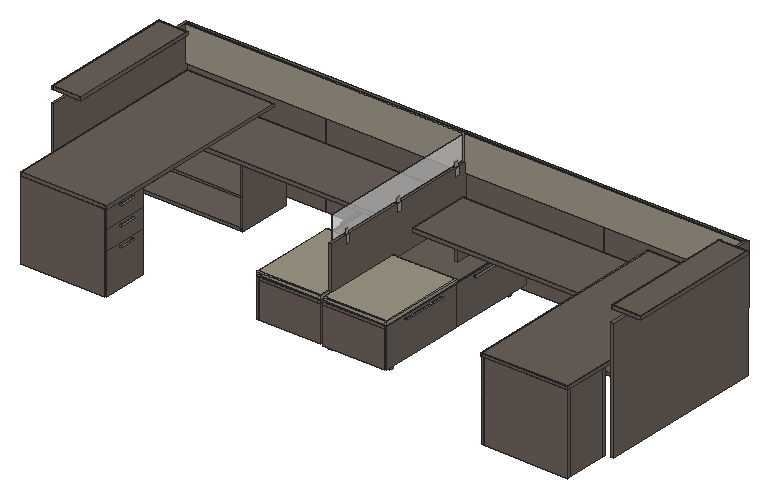
Revit family "STAKS005", category Furniture, Revit 2013 (continued)
Definition of nested family "FIRST OFFICE-STAKS-BRACKETS-CANTILEVER"
  Automatic sketch dimensions
    plane 5 to Extrusion 7 sketch curve = 0' - 0.05178"
    plane 7 to Extrusion 8 sketch curve = 0' - 0.06622"
    Extrusion 8 sketch curve to plane 4 = 0' - 0.21447"
    plane 1 "Center Front/Back" to Extrusion 3 sketch curve = 0' - 0.1569"
    plane 1 "Center Front/Back" to Extrusion 5 sketch curve = 0' - 0 1/8"
    plane 1 "Center Front/Back" to Extrusion 6 sketch curve = 0' - 0 1/8"
    Extrusion 3 sketch curve to plane 6 = 0' - 2.60476"
    Extrusion 3 sketch curve to Extrusion 3 sketch curve = 0' - 0.0798"
    Extrusion 3 sketch curve to plane 6 = 0' - 0.15706"
    Extrusion 5 sketch curve to plane 6 = 0' - 0 1/8"
    Extrusion 5 sketch curve to plane 6 = 0' - 1 5/8"
    Extrusion 6 sketch curve to plane 6 = 0' - 1.67678"
    Extrusion 7 sketch curve to plane 6 = 0' - 0 1/8"
    plane 1 "Center Front/Back" to Extrusion 8 sketch curve = 0' - 0 1/8"
    Masking region 2 sketch curve to plane 3 "Center Left/Right" = 0' - 0"
    plane 5 to Masking region 2 sketch curve = 0' - 0"
    Masking region 2 sketch curve to plane 8 = 0' - 0"
    plane 1 "Center Front/Back" to Masking region 2 sketch curve = 0' - 0"
    Masking region 3 sketch curve to plane 3 "Center Left/Right" = 0' - 0"
    plane 4 to Masking region 3 sketch curve = 0' - 0"
    Masking region 3 sketch curve to plane 8 = 0' - 0"
    plane 5 to Masking region 3 sketch curve = 0' - 0"
Definition of nested family "FIRST OFFICE-STAKS-WALL-PRIVACY PANELS"
  Parameters (values of type "FIRST OFFICE-STAKS-PRIVACY PANEL FROSTED ACR 22 X 11")
    URL = "http://www.firstoffice.com/products/crossover/staks/"
    SSFG-PA-3F-LUM = no
    SKYLINE = no
    PRIVACY PANEL HEIGHT = 0' - 11"
    Model = "6-PVPA-22/11"
    Manufacturer = "FIRST OFFICE-STAKS"
    MANUFACTURERS' CODE = "FOF"
    FROSTED ACRYLIC = yes
    ENVIRONMENTAL = "http://www.firstoffice.com/products/crossover/staks/"
    Description = "22 x 11 PRIVACY PANEL SKYLINE"
    PRIVACY PANEL WIDTH = 1' - 10"
    CATALOG CODE = "FST"
    Assembly Code = ""
  Types (42): name | SSFG-PA-3F-LUM | SKYLINE | PRIVACY PANEL HEIGHT | Model | FROSTED ACRYLIC | Description | PRIVACY PANEL WIDTH
    FIRST OFFICE-STAKS-PRIVACY PANEL SKYLINE 22 X 8 | no | yes | 0' - 8" | "6-PVPG-22/8" | no | "22 x 8 PRIVACY PANEL SKYLINE" | 1' - 10"
    FIRST OFFICE-STAKS-PRIVACY PANEL SKYLINE 30 X 8 | no | yes | 0' - 8" | "6-PVPG-30/8" | no | "30 x 8 PRIVACY PANEL SKYLINE" | 2' - 6"
    FIRST OFFICE-STAKS-PRIVACY PANEL SKYLINE 34 X 8 | no | yes | 0' - 8" | "6-PVPG-34/8" | no | "34 x 8 PRIVACY PANEL SKYLINE" | 2' - 10"
    FIRST OFFICE-STAKS-PRIVACY PANEL SKYLINE 46 X 8 | no | yes | 0' - 8" | "6-PVPG-46/8" | no | "46 x 8 PRIVACY PANEL SKYLINE" | 3' - 10"
    FIRST OFFICE-STAKS-PRIVACY PANEL SKYLINE 56 X 8 | no | yes | 0' - 8" | "6-PVPG-56/8" | no | "56 x 8 PRIVACY PANEL SKYLINE" | 4' - 8"
    FIRST OFFICE-STAKS-PRIVACY PANEL SKYLINE 70 X 8 | no | yes | 0' - 8" | "6-PVPG-70/8" | no | "70 x 8 PRIVACY PANEL SKYLINE" | 5' - 10"
    FIRST OFFICE-STAKS-PRIVACY PANEL SKYLINE 71.5 X 8 | no | yes | 0' - 8" | "6-PVPG-71.5/8" | no | "71.5 x 8 PRIVACY PANEL SKYLINE" | 5' - 11 1/2"
    FIRST OFFICE-STAKS-PRIVACY PANEL SKYLINE 22 X 11 | no | yes | 0' - 11" | "6-PVPG-22/11" | no | "22 x 11 PRIVACY PANEL SKYLINE" | 1' - 10"
    FIRST OFFICE-STAKS-PRIVACY PANEL SKYLINE 30 X 11 | no | yes | 0' - 11" | "6-PVPG-30/11" | no | "30 x 11 PRIVACY PANEL SKYLINE" | 2' - 6"
    FIRST OFFICE-STAKS-PRIVACY PANEL SKYLINE 34 X 11 | no | yes | 0' - 11" | "6-PVPG-34/11" | no | "34 x 11 PRIVACY PANEL SKYLINE" | 2' - 10"
    FIRST OFFICE-STAKS-PRIVACY PANEL SKYLINE 46 X 11 | no | yes | 0' - 11" | "6-PVPG-46/11" | no | "46 x 11 PRIVACY PANEL SKYLINE" | 3' - 10"
    FIRST OFFICE-STAKS-PRIVACY PANEL SKYLINE 56 X 11 | no | yes | 0' - 11" | "6-PVPG-56/11" | no | "56 x 11 PRIVACY PANEL SKYLINE" | 4' - 8"
    FIRST OFFICE-STAKS-PRIVACY PANEL SKYLINE 70 X 11 | no | yes | 0' - 11" | "6-PVPG-70/11" | no | "70 x 11 PRIVACY PANEL SKYLINE" | 5' - 10"
    FIRST OFFICE-STAKS-PRIVACY PANEL SKYLINE 71.5 X 11 | no | yes | 0' - 11" | "6-PVPG-71.5/11" | no | "71.5 x 11 PRIVACY PANEL SKYLINE" | 5' - 11 1/2"
    FIRST OFFICE-STAKS-PRIVACY PANEL SSFG-PA-3F-LUM 22 X 8 | yes | no | 0' - 8" | "6-PVPP-22/8" | no | "22 x 8 PRIVACY PANEL SSFG-PA-3F-LUM" | 1' - 10"
    FIRST OFFICE-STAKS-PRIVACY PANEL SSFG-PA-3F-LUM 30 X 8 | yes | no | 0' - 8" | "6-PVPP-30/8" | no | "30 x 8 PRIVACY PANEL SSFG-PA-3F-LUM" | 2' - 6"
    FIRST OFFICE-STAKS-PRIVACY PANEL SSFG-PA-3F-LUM 34 X 8 | yes | no | 0' - 8" | "6-PVPP-34/8" | no | "34 x 8 PRIVACY PANEL SSFG-PA-3F-LUM" | 2' - 10"
    FIRST OFFICE-STAKS-PRIVACY PANEL SSFG-PA-3F-LUM 46 X 8 | yes | no | 0' - 8" | "6-PVPP-46/8" | no | "46 x 8 PRIVACY PANEL SSFG-PA-3F-LUM" | 3' - 10"
    FIRST OFFICE-STAKS-PRIVACY PANEL SSFG-PA-3F-LUM 56 X 8 | yes | no | 0' - 8" | "6-PVPP-56/8" | no | "56 x 8 PRIVACY PANEL SSFG-PA-3F-LUM" | 4' - 8"
    FIRST OFFICE-STAKS-PRIVACY PANEL SSFG-PA-3F-LUM 70 X 8 | yes | no | 0' - 8" | "6-PVPP-70/8" | no | "70 x 8 PRIVACY PANEL SSFG-PA-3F-LUM" | 5' - 10"
    FIRST OFFICE-STAKS-PRIVACY PANEL SSFG-PA-3F-LUM 71.5 X 8 | yes | no | 0' - 8" | "6-PVPP-71.5/8" | no | "71.5” x 8” PRIVACY PANEL SSFG-PA-3F-LUM" | 5' - 11 1/2"
    FIRST OFFICE-STAKS-PRIVACY PANEL SSFG-PA-3F-LUM 22 X 11 | yes | no | 0' - 11" | "6-PVPP-22/11" | no | "22 x 11 PRIVACY PANEL SSFG-PA-3F-LUM" | 1' - 10"
    FIRST OFFICE-STAKS-PRIVACY PANEL SSFG-PA-3F-LUM 30 X 11 | yes | no | 0' - 11" | "6-PVPP-30/11" | no | "30 x 11 PRIVACY PANEL SSFG-PA-3F-LUM" | 2' - 6"
    FIRST OFFICE-STAKS-PRIVACY PANEL SSFG-PA-3F-LUM 34 X 11 | yes | no | 0' - 11" | "6-PVPP-34/11" | no | "34 x 11 PRIVACY PANEL SSFG-PA-3F-LUM" | 2' - 10"
    FIRST OFFICE-STAKS-PRIVACY PANEL SSFG-PA-3F-LUM 46 X 11 | yes | no | 0' - 11" | "6-PVPP-46/11" | no | "46 x 11 PRIVACY PANEL SSFG-PA-3F-LUM" | 3' - 10"
    FIRST OFFICE-STAKS-PRIVACY PANEL SSFG-PA-3F-LUM 56 X 11 | yes | no | 0' - 11" | "6-PVPP-56/11" | no | "56 x 11 PRIVACY PANEL SSFG-PA-3F-LUM" | 4' - 8"
    FIRST OFFICE-STAKS-PRIVACY PANEL SSFG-PA-3F-LUM 70 X 11 | yes | no | 0' - 11" | "6-PVPP-70/11" | no | "70 x 11 PRIVACY PANEL SSFG-PA-3F-LUM" | 5' - 10"
    FIRST OFFICE-STAKS-PRIVACY PANEL SSFG-PA-3F-LUM 71.5 X 11 | yes | no | 0' - 11" | "6-PVPP-71.5/11" | no | "71.5 x 11 PRIVACY PANEL SSFG-PA-3F-LUM" | 5' - 11 1/2"
    FIRST OFFICE-STAKS-PRIVACY PANEL FROSTED ACR 22 X 8 | no | no | 0' - 8" | "6-PVPA-22/8" | yes | "22 x 8 PRIVACY PANEL SKYLINE" | 1' - 10"
    FIRST OFFICE-STAKS-PRIVACY PANEL FROSTED ACR 30 X 8 | no | no | 0' - 8" | "6-PVPA-30/8" | yes | "30 x 8 PRIVACY PANEL SKYLINE" | 2' - 6"
    FIRST OFFICE-STAKS-PRIVACY PANEL FROSTED ACR 34 X 8 | no | no | 0' - 8" | "6-PVPA-34/8" | yes | "34 x 8 PRIVACY PANEL SKYLINE" | 2' - 10"
    FIRST OFFICE-STAKS-PRIVACY PANEL FROSTED ACR 46 X 8 | no | no | 0' - 8" | "6-PVPA-46/8" | yes | "46 x 8 PRIVACY PANEL SKYLINE" | 3' - 10"
    FIRST OFFICE-STAKS-PRIVACY PANEL FROSTED ACR 56 X 8 | no | no | 0' - 8" | "6-PVPA-56/8" | yes | "56 x 8 PRIVACY PANEL SKYLINE" | 4' - 8"
    FIRST OFFICE-STAKS-PRIVACY PANEL FROSTED ACR 70 X 8 | no | no | 0' - 8" | "6-PVPA-70/8" | yes | "70 x 8 PRIVACY PANEL SKYLINE" | 5' - 10"
    FIRST OFFICE-STAKS-PRIVACY PANEL FROSTED ACR 71.5 X 8 | no | no | 0' - 8" | "6-PVPA-71.5/8" | yes | "71.5 x 8 PRIVACY PANEL SKYLINE" | 5' - 11 1/2"
    FIRST OFFICE-STAKS-PRIVACY PANEL FROSTED ACR 22 X 11 | no | no | 0' - 11" | "6-PVPA-22/11" | yes | "22 x 11 PRIVACY PANEL SKYLINE" | 1' - 10"
    FIRST OFFICE-STAKS-PRIVACY PANEL FROSTED ACR 30 X 11 | no | no | 0' - 11" | "6-PVPA-30/11" | yes | "30 x 11 PRIVACY PANEL SKYLINE" | 2' - 6"
    FIRST OFFICE-STAKS-PRIVACY PANEL FROSTED ACR 34 X 11 | no | no | 0' - 11" | "6-PVPA-34/11" | yes | "34 x 11 PRIVACY PANEL SKYLINE" | 2' - 10"
    FIRST OFFICE-STAKS-PRIVACY PANEL FROSTED ACR 46 X 11 | no | no | 0' - 11" | "6-PVPA-46/11" | yes | "46 x 11 PRIVACY PANEL SKYLINE" | 3' - 10"
    FIRST OFFICE-STAKS-PRIVACY PANEL FROSTED ACR 56 X 11 | no | no | 0' - 11" | "6-PVPA-56/11" | yes | "56 x 11 PRIVACY PANEL SKYLINE" | 4' - 8"
    FIRST OFFICE-STAKS-PRIVACY PANEL FROSTED ACR 70 X 11 | no | no | 0' - 11" | "6-PVPA-70/11" | yes | "70 x 11 PRIVACY PANEL SKYLINE" | 5' - 10"
    FIRST OFFICE-STAKS-PRIVACY PANEL FROSTED ACR 71.5 X 11 | no | no | 0' - 11" | "6-PVPA-71.5/11" | yes | "71.5 x 11 PRIVACY PANEL SKYLINE" | 5' - 11 1/2"
  Reference planes (in)
    plane 1: z = 0
    plane 2 "Center Left/Right": x = 0
    plane 3 "Left": x = -11
    plane 4 "Right": x = 11
    plane 5 "Back": y = 1.62535
    plane 6 "PRIVACY PANEL TOP": z = 56.0625
    plane 7: z = 45.0625
  Forms (in)
    Extrusion 1, solid, material "STAKS PRIVACY PANEL SKY", visible <- "SKYLINE"
      sketch origin (-20.62535, -17.37465, 45.0625) x (0, 1, 0) y (-1, 0, 0)
        loop
          line (19.125, -9.62535) -> (18.875, -9.62535) -> (18.875, -31.62535) -> (19.125, -31.62535) -> (19.125, -9.62535)
      from 0 to 11
    Extrusion 2, solid, material "STAKS PRIVACY PANEL 4 TYPES", visible <- "SSFG-PA-3F-LUM"
      sketch origin (-20.62535, -18.66353, 45.0625) x (0, 1, 0) y (-1, 0, 0)
        loop
          line (20.41388, -9.62535) -> (20.16388, -9.62535) -> (20.16388, -31.62535) -> (20.41388, -31.62535) -> (20.41388, -9.62535)
      from 0 to 11
    Extrusion 3, solid, material "STAKS PRIVACY PANEL FROSTED AC", visible <- "FROSTED ACRYLIC"
      sketch origin (-20.62535, -19.34414, 45.0625) x (0, 1, 0) y (-1, 0, 0)
        loop
          line (21.09448, -9.62535) -> (20.84448, -9.62535) -> (20.84448, -31.62535) -> (21.09448, -31.62535) -> (21.09448, -9.62535)
      from 0 to 11
  Lines and regions (in)
    Masking region 1
      outline origin (-20.62535, -17.37465, 45.0625) x (0, 1, 0) y (-1, 0, 0)
        loop
          line (18.875, -31.62535) -> (19.125, -31.62535) -> (19.125, -9.62535) -> (18.875, -9.62535) -> (18.875, -31.62535)
  Dimensions and locks (in)
    "PRIVACY PANEL WIDTH": plane 3 "Left" to plane 4 "Right"
    equal spacing: plane 3 "Left", plane 2 "Center Left/Right", plane 4 "Right"
    locked: Extrusion 1 to Extrusion 1 at 0.25
    "PRIVACY PANEL HEIGHT": plane 6 "PRIVACY PANEL TOP" to plane 7
    aligned and locked: level to plane 1
    aligned: Extrusion 1 to plane 3 "Left"
    aligned and locked: plane 4 "Right" to Extrusion 1
    aligned and locked: Extrusion 1 to plane 3 "Left"
    aligned and locked: plane 6 "PRIVACY PANEL TOP" to Extrusion 1
    aligned and locked: Extrusion 1 to plane 7
    aligned and locked: plane 4 "Right" to Masking region 1
    aligned and locked: Extrusion 2 to Extrusion 1  (x2)
    aligned and locked: Extrusion 3 to Extrusion 2  (x2)
    aligned and locked: Extrusion 3 to plane 7
    aligned and locked: Extrusion 2 to plane 7
  Automatic sketch dimensions
    Extrusion 1 sketch curve to plane 3 "Left" = 0' - 0"
    Extrusion 1 sketch curve to plane 4 "Right" = 0' - 0"
    plane 5 "Back" to Extrusion 1 sketch curve = 0' - 0 1/8"
    Extrusion 1 sketch curve to plane 5 "Back" = 0' - 0 1/8"
    Masking region 1 sketch curve to plane 4 "Right" = 0' - 0"
    Masking region 1 sketch curve to plane 3 "Left" = 0' - 0"
    plane 5 "Back" to Masking region 1 sketch curve = 0' - 0 1/8"
    Masking region 1 sketch curve to plane 5 "Back" = 0' - 0 1/8"
    Extrusion 2 sketch curve to plane 3 "Left" = 0' - 0"
    Extrusion 2 sketch curve to plane 4 "Right" = 0' - 0"
    plane 5 "Back" to Extrusion 2 sketch curve = 0' - 0 1/8"
    Extrusion 2 sketch curve to Extrusion 2 sketch curve = 0' - 0 1/4"
    Extrusion 3 sketch curve to plane 3 "Left" = 0' - 0"
    Extrusion 3 sketch curve to plane 4 "Right" = 0' - 0"
    plane 5 "Back" to Extrusion 3 sketch curve = 0' - 0 1/8"
    Extrusion 3 sketch curve to Extrusion 3 sketch curve = 0' - 0 1/4"
Definition of nested family "FIRST OFFICE-STAKS-WALL-TACKBOARDS"
  Parameters (values of type "FIRST OFFICE-STAKS-TACKBOARD 48-27 X 12")
    URL = "http://www.firstoffice.com/products/crossover/staks/"
    TACKBOARD TRIPLE = no
    TACKBOARD SINGLE = no
    TACKBOARD = yes
    Model = "FT30A"
    Manufacturer = "FIRST OFFICE-STAKS"
    MANUFACTURERS' CODE = "FOF"
    ENVIRONMENTAL = "http://www.firstoffice.com/products/crossover/staks/"
    Description = "48-27 TACKBOARD 12 HIGH"
    TACKBORD WIDTH [instance] = 2' - 3"
    TACKBOARD HEIGHT = 1' - 0"
    CATALOG CODE = "FST"
    Assembly Code = ""
  Types (18): name | TACKBOARD TRIPLE | TACKBOARD SINGLE | TACKBOARD | Model | Description | TACKBORD WIDTH | TACKBOARD HEIGHT
    FIRST OFFICE-STAKS-TACKBOARD 48-27 X 12 | no | no | yes | "FT30A" | "48-27 TACKBOARD 12 HIGH" | 2' - 3" | 1' - 0"
    FIRST OFFICE-STAKS-TACKBOARD 73-49 X 12 | no | no | yes | "FT30B" | "73-49 TACKBOARD 12 HIGH" | 4' - 1" | 1' - 0"
    FIRST OFFICE-STAKS-TACKBOARD 96-74 X 12 | no | no | yes | "FT30C" | "96-74 TACKBOARD 12 HIGH" | 6' - 2" | 1' - 0"
    FIRST OFFICE-STAKS-TACKBOARD 48-27 X 18.5 | no | no | yes | "FT30D" | "48-27 TACKBOARD 18.5 HIGH" | 2' - 3" | 1' - 6 1/2"
    FIRST OFFICE-STAKS-TACKBOARD 73-49 X 18.5 | no | no | yes | "FT30E" | "73-49 TACKBOARD 18.5 HIGH" | 4' - 1" | 1' - 6 1/2"
    FIRST OFFICE-STAKS-TACKBOARD 96-74 X 18.5 | no | no | yes | "FT30F" | "96-74 TACKBOARD 18.5 HIGH" | 6' - 2" | 1' - 6 1/2"
    FIRST OFFICE-STAKS-TACKBOARD SINGLE 48-27 X 12 | no | yes | no | "FTS30A" | "48-27 TACKBOARD SINGLE 12 HIGH" | 2' - 3" | 1' - 0"
    FIRST OFFICE-STAKS-TACKBOARD SINGLE 73-49 X 12 | no | yes | no | "FTS30B" | "73-49 TACKBOARD SINGLE 12 HIGH" | 4' - 1" | 1' - 0"
    FIRST OFFICE-STAKS-TACKBOARD SINGLE 96-74 X 12 | no | yes | no | "FTS30C" | "96-74 TACKBOARD SINGLE 12 HIGH" | 6' - 2" | 1' - 0"
    FIRST OFFICE-STAKS-TACKBOARD SINGLE 48-27 X 18.5 | no | yes | no | "FTS30D" | "48-27 TACKBOARD SINGLE 18.5 HIGH" | 2' - 3" | 1' - 6 1/2"
    FIRST OFFICE-STAKS-TACKBOARD SINGLE 73-49 X 18.5 | no | yes | no | "FTS30E" | "73-49 TACKBOARD SINGLE 18.5 HIGH" | 4' - 1" | 1' - 6 1/2"
    FIRST OFFICE-STAKS-TACKBOARD SINGLE 96-74 X 18.5 | no | yes | no | "FTS30F" | "96-74 TACKBOARD SINGLE 18.5 HIGH" | 6' - 2" | 1' - 6 1/2"
    FIRST OFFICE-STAKS-TACKBOARD TRIPLE 48-27 X 12 | yes | no | no | "FTS40A" | "48-27 TACKBOARD TRIPLE 12 HIGH" | 2' - 3" | 1' - 0"
    FIRST OFFICE-STAKS-TACKBOARD TRIPLE 73-49 X 12 | yes | no | no | "FTS40B" | "73-49 TACKBOARD TRIPLE 12 HIGH" | 4' - 1" | 1' - 0"
    FIRST OFFICE-STAKS-TACKBOARD TRIPLE 96-74 X 12 | yes | no | no | "FTS40C" | "96-74 TACKBOARD TRIPLE 12 HIGH" | 6' - 2" | 1' - 0"
    FIRST OFFICE-STAKS-TACKBOARD TRIPLE 48-27 X 18.5 | yes | no | no | "FTS40D" | "48-27 TACKBOARD TRIPLE 18.5 HIGH" | 2' - 3" | 1' - 6 1/2"
    FIRST OFFICE-STAKS-TACKBOARD TRIPLE 73-49 X 18.5 | yes | no | no | "FTS40E" | "73-49 TACKBOARD TRIPLE 18.5 HIGH" | 4' - 1" | 1' - 6 1/2"
    FIRST OFFICE-STAKS-TACKBOARD TRIPLE 96-74 X 18.5 | yes | no | no | "FTS40F" | "96-74 TACKBOARD TRIPLE 18.5 HIGH" | 6' - 2" | 1' - 6 1/2"
  Reference planes (in)
    plane 1: z = 0
    plane 2 "LEFT": x = 0
    plane 3 "RIGHT": x = 27
    plane 4 "Back": y = 5.75035
    plane 5 "Cabinet Top": z = 41.5
    plane 6: z = 29.5
    plane 7: z = 36.125
  Forms (in)
    Extrusion 1, solid, material "STAKS TOOLRAIL", visible <- "TACKBOARD SINGLE"
      sketch origin (0, 0, 0) x (0, 1, 0) y (0, 0, 1)
        loop
          line (5.75035, 36.875) -> (5.67035, 36.875) -> (5.67035, 36.125) -> (4.95159, 36.125) -> (4.95159, 35.55906) -> (5.16814, 35.55906) -> (5.30308, 35.64014) -> (5.36345, 35.53967) -> (5.19914, 35.44094) -> (4.95159, 35.44094) -> (4.95159, 34.875) -> (5.67035, 34.875) -> (5.67035, 34.125) -> (5.75035, 34.125) -> (5.75035, 34.955) -> (5.03159, 34.955) -> (5.03159, 35.36095) -> (5.22369, 35.36095) -> (5.47448, 35.51164) -> (5.33038, 35.75145) -> (5.14331, 35.63905) -> (5.03159, 35.63905) -> (5.03159, 36.045) -> (5.75035, 36.045) -> (5.75035, 36.875)
      from 27 to 0
    Extrusion 2, solid, material "STAKS TOOLRAIL", visible <- "TACKBOARD TRIPLE"
      sketch origin (0, 6.1024, 0) x (0, 1, 0) y (0, 0, 1)
        loop
          line (-0.35206, 38) -> (-0.43205, 38) -> (-0.43205, 37) -> (-1.18205, 37) -> (-1.18205, 36.75) -> (-0.99405, 36.75) -> (-0.99405, 36.875) -> (-1.05655, 36.875) -> (-1.05655, 36.92) -> (-0.43205, 36.92) -> (-0.43205, 36.075) -> (-1.10206, 36.075) -> (-1.10206, 36.25) -> (-0.99405, 36.25) -> (-0.99405, 36.375) -> (-1.18205, 36.375) -> (-1.18205, 35.55906) -> (-0.96577, 35.55906) -> (-0.82981, 35.64075) -> (-0.74582, 35.50097) -> (-0.83126, 35.35877) -> (-0.96803, 35.44094) -> (-1.18205, 35.44094) -> (-1.18205, 34.625) -> (-0.99405, 34.625) -> (-0.99405, 34.75) -> (-1.10206, 34.75) -> (-1.10206, 34.925) -> (-0.43205, 34.925) -> (-0.43205, 34.08) -> (-1.05655, 34.08) -> (-1.05655, 34.125) -> (-0.99405, 34.125) -> (-0.99405, 34.25) -> (-1.18205, 34.25) -> (-1.18205, 34) -> (-0.43205, 34) -> (-0.43205, 33) -> (-0.35549, 33) -> (-0.35549, 35.005) -> (-1.10206, 35.005) -> (-1.10206, 35.35923) -> (-0.98796, 35.35923) -> (-0.80294, 35.24806) -> (-0.65224, 35.49887) -> (-0.80479, 35.75277) -> (-0.99405, 35.63905) -> (-1.10206, 35.63905) -> (-1.10206, 35.995) -> (-0.35206, 35.995) -> (-0.35206, 38)
      from 0 to 27
    Extrusion 3, solid, material "STAKS TACKBOARD", visible <- "TACKBOARD"
      sketch origin (0, 5.25, 0) x (0, 1, 0) y (0, 0, 1)
        loop
          line (-0.12465, 29.5) -> (0.50035, 29.5) -> (0.50035, 41.5) -> (-0.12465, 41.5) -> (-0.12465, 29.5)
      from 0 to 27
    Extrusion 4, solid, material "STAKS TACKBOARD", visible <- "TACKBOARD SINGLE"
      sketch origin (0, 5.25, 0) x (0, 1, 0) y (0, 0, 1)
        loop
          line (-0.20465, 41.5) -> (-0.20465, 36.125) -> (0.42035, 36.125) -> (0.42035, 41.5) -> (-0.20465, 41.5)
      from 0 to 27
    Extrusion 5, solid, material "STAKS TACKBOARD", visible <- "TACKBOARD SINGLE"
      sketch origin (0.16133, 5.25, -6.625) x (0, 1, 0) y (0, 0, 1)
        loop
          line (-0.20465, 41.5) -> (-0.20465, 36.125) -> (0.42035, 36.125) -> (0.42035, 41.5) -> (-0.20465, 41.5)
      from -0.16133 to 26.83867
    Extrusion 6, solid, material "STAKS TACKBOARD", visible <- "TACKBOARD TRIPLE"
      sketch origin (0, 5.24999, 0) x (0, 1, 0) y (0, 0, 1)
        loop
          line (-0.20465, 41.5) -> (-0.20465, 37) -> (0.42035, 37) -> (0.42035, 41.5) -> (-0.20465, 41.5)
      from 0 to 27
    Extrusion 7, solid, material "STAKS TACKBOARD", visible <- "TACKBOARD TRIPLE"
      sketch origin (0, 5.24999, 0) x (0, 1, 0) y (0, 0, 1)
        loop
          line (-0.20465, 34) -> (-0.20465, 29.5) -> (0.42035, 29.5) -> (0.42035, 34) -> (-0.20465, 34)
      from 0 to 27
  Lines and regions (in)
    Masking region 1, visible <- "TACKBOARD"
      outline origin (0, 0, 0) x (1, 0, 0) y (0, 1, 0)
        loop
          line (0, 5.75035) -> (0, 5.12535) -> (27, 5.12535) -> (27, 5.75035) -> (0, 5.75035)
    Masking region 2, visible <- "TACKBOARD SINGLE"
      outline origin (0, 0, 0) x (1, 0, 0) y (0, 1, 0)
        loop
          line (0, 5.75035) -> (0, 4.95159) -> (27, 4.95159) -> (27, 5.75035) -> (0, 5.75035)
    Masking region 3, visible <- "TACKBOARD TRIPLE"
      outline origin (0, 0, 0) x (1, 0, 0) y (0, 1, 0)
        loop
          line (0, 5.75035) -> (0, 4.92035) -> (27, 4.92035) -> (27, 5.75035) -> (0, 5.75035)
  Dimensions and locks (in)
    "TACKBOARD HEIGHT": plane 6 to plane 5 "Cabinet Top"
    plane 7 to plane 5 "Cabinet Top" = 0' - 5 3/8"
    "TACKBORD WIDTH": plane 2 "LEFT" to plane 3 "RIGHT"
    locked: Extrusion 6 to plane 5 "Cabinet Top" at 4.5
    aligned: Extrusion 1 to plane 2 "LEFT"
    aligned: plane 3 "RIGHT" to Extrusion 1  (x2)
    aligned: Extrusion 2 to plane 3 "RIGHT"
    aligned: plane 2 "LEFT" to Extrusion 2
    aligned and locked: Extrusion 3 to plane 2 "LEFT"
    aligned and locked: Extrusion 6 to plane 2 "LEFT"
    aligned and locked: Extrusion 4 to plane 2 "LEFT"
    aligned and locked: Extrusion 5 to plane 2 "LEFT"
    aligned and locked: Extrusion 7 to plane 2 "LEFT"
    aligned and locked: Extrusion 2 to plane 2 "LEFT"
    aligned and locked: Extrusion 1 to plane 2 "LEFT"
    aligned and locked: plane 3 "RIGHT" to Extrusion 2
    aligned and locked: plane 3 "RIGHT" to Extrusion 1
    aligned and locked: plane 3 "RIGHT" to Extrusion 5
    aligned and locked: plane 3 "RIGHT" to Extrusion 6
    aligned and locked: plane 3 "RIGHT" to Extrusion 4
    aligned and locked: plane 3 "RIGHT" to Extrusion 3
    aligned and locked: plane 3 "RIGHT" to Extrusion 7
  Automatic sketch dimensions
    plane 7 to Extrusion 1 sketch curve = 0' - 0"
    Extrusion 1 sketch curve to plane 4 "Back" = 0' - 0"  (x2)
    plane 4 "Back" to Extrusion 1 sketch curve = 0' - 0.08"  (x2)
    plane 4 "Back" to Extrusion 1 sketch curve = 0' - 0.27587"
    Extrusion 1 sketch curve to Extrusion 1 sketch curve = 0' - 0.11103"
    Extrusion 1 sketch curve to Extrusion 1 sketch curve = 0' - 0.03307"
    Extrusion 1 sketch curve to Extrusion 1 sketch curve = 0' - 0.0273"
    Extrusion 1 sketch curve to Extrusion 1 sketch curve = 0' - 0.13976"
    Extrusion 1 sketch curve to Extrusion 1 sketch curve = 0' - 0.02455"
    Extrusion 1 sketch curve to Extrusion 1 sketch curve = 0' - 0.03101"
    Extrusion 1 sketch curve to Extrusion 1 sketch curve = 0' - 0.02482"
    Extrusion 1 sketch curve to Extrusion 1 sketch curve = 0' - 0.1921"
    Extrusion 1 sketch curve to Extrusion 1 sketch curve = 0' - 0.11172"
    Extrusion 1 sketch curve to Extrusion 1 sketch curve = 0' - 0.08"  (x4)
    plane 7 to Extrusion 1 sketch curve = 0' - 0.08"
    plane 7 to Extrusion 1 sketch curve = 0' - 0.37355"
    Extrusion 1 sketch curve to Extrusion 1 sketch curve = 0' - 0.11131"
    Extrusion 1 sketch curve to Extrusion 1 sketch curve = 0' - 0.00109"
    Extrusion 1 sketch curve to Extrusion 1 sketch curve = 0' - 0.40594"
    Extrusion 1 sketch curve to Extrusion 1 sketch curve = 0' - 0 3/4"
    Extrusion 1 sketch curve to plane 7 = 0' - 0 3/4"
    Extrusion 2 sketch curve to plane 4 "Back" = 0' - 0"
    plane 4 "Back" to Extrusion 2 sketch curve = 0' - 0.00344"
    plane 4 "Back" to Extrusion 2 sketch curve = 0' - 0.07999"  (x3)
    Extrusion 2 sketch curve to Extrusion 2 sketch curve = 0' - 0.07656"
    plane 4 "Back" to Extrusion 2 sketch curve = 0' - 0.30018"
    Extrusion 2 sketch curve to Extrusion 2 sketch curve = 0' - 0.09358"
    Extrusion 2 sketch curve to Extrusion 2 sketch curve = 0' - 0.05712"
    Extrusion 2 sketch curve to Extrusion 2 sketch curve = 0' - 0.05897"
    Extrusion 2 sketch curve to Extrusion 2 sketch curve = 0' - 0.02501"
    Extrusion 2 sketch curve to Extrusion 2 sketch curve = 0' - 0.02833"
    Extrusion 2 sketch curve to Extrusion 2 sketch curve = 0' - 0.13596"
    Extrusion 2 sketch curve to Extrusion 2 sketch curve = 0' - 0.00226"
    Extrusion 2 sketch curve to Extrusion 2 sketch curve = 0' - 0.01993"
    Extrusion 2 sketch curve to Extrusion 2 sketch curve = 0' - 0.19111"
    Extrusion 2 sketch curve to plane 7 = 0' - 0 1/4"
    Extrusion 2 sketch curve to Extrusion 2 sketch curve = 0' - 0.562"
    Extrusion 2 sketch curve to Extrusion 2 sketch curve = 0' - 0.02828"
    Extrusion 2 sketch curve to Extrusion 2 sketch curve = 0' - 0"  (x3)
    Extrusion 2 sketch curve to Extrusion 2 sketch curve = 0' - 0 1/16"  (x2)
    plane 7 to Extrusion 2 sketch curve = 0' - 0.13"
    Extrusion 2 sketch curve to Extrusion 2 sketch curve = 0' - 0.10801"  (x3)
    Extrusion 2 sketch curve to Extrusion 2 sketch curve = 0' - 0.07999"  (x2)
    Extrusion 2 sketch curve to Extrusion 2 sketch curve = 0' - 0.1255"  (x2)
    plane 7 to Extrusion 2 sketch curve = 0' - 0.37223"
    Extrusion 2 sketch curve to Extrusion 2 sketch curve = 0' - 0.11202"
    Extrusion 2 sketch curve to Extrusion 2 sketch curve = 0' - 0.0017"
    Extrusion 2 sketch curve to Extrusion 2 sketch curve = 0' - 0.08"  (x4)
    Extrusion 2 sketch curve to Extrusion 2 sketch curve = 0' - 0.11811"
    Extrusion 2 sketch curve to Extrusion 2 sketch curve = 0' - 0.08171"
    Extrusion 2 sketch curve to Extrusion 2 sketch curve = 0' - 0.24306"
    Extrusion 2 sketch curve to Extrusion 2 sketch curve = 0' - 0.175"
    Extrusion 2 sketch curve to Extrusion 2 sketch curve = 0' - 0 1/8"  (x3)
    Extrusion 2 sketch curve to Extrusion 2 sketch curve = 0' - 0 3/8"  (x2)
    Extrusion 2 sketch curve to Extrusion 2 sketch curve = 0' - 0.045"  (x2)
    Extrusion 2 sketch curve to Extrusion 2 sketch curve = 0' - 1"  (x2)
    plane 7 to Extrusion 2 sketch curve = 0' - 0.05"
    Extrusion 2 sketch curve to plane 7 = 0' - 0 1/8"
    Extrusion 3 sketch curve to plane 6 = 0' - 0"
    plane 5 "Cabinet Top" to Extrusion 3 sketch curve = 0' - 0"
    Extrusion 3 sketch curve to plane 4 "Back" = 0' - 0"
    Extrusion 3 sketch curve to Extrusion 3 sketch curve = 0' - 0 5/8"
    plane 5 "Cabinet Top" to Extrusion 4 sketch curve = 0' - 0"
    plane 7 to Extrusion 4 sketch curve = 0' - 0"
    plane 4 "Back" to Extrusion 4 sketch curve = 0' - 0.705"
    Extrusion 4 sketch curve to Extrusion 4 sketch curve = 0' - 0 5/8"
    Extrusion 5 sketch curve to plane 6 = 0' - 0"
    plane 7 to Extrusion 5 sketch curve = 0' - 1 1/4"
    plane 4 "Back" to Extrusion 5 sketch curve = 0' - 0.705"
    Extrusion 5 sketch curve to Extrusion 5 sketch curve = 0' - 0 5/8"
    plane 5 "Cabinet Top" to Extrusion 6 sketch curve = 0' - 0"
    plane 4 "Back" to Extrusion 6 sketch curve = 0' - 0.705"
    Extrusion 6 sketch curve to Extrusion 6 sketch curve = 0' - 0 5/8"
    Extrusion 6 sketch curve to plane 7 = 0' - 0 7/8"
    Extrusion 7 sketch curve to plane 6 = 0' - 0"
    plane 7 to Extrusion 7 sketch curve = 0' - 2 1/8"
    plane 4 "Back" to Extrusion 7 sketch curve = 0' - 0.705"
    Extrusion 7 sketch curve to Extrusion 7 sketch curve = 0' - 0 5/8"
    Masking region 1 sketch curve to plane 2 "LEFT" = 0' - 0"
    Masking region 1 sketch curve to plane 3 "RIGHT" = 0' - 0"
    plane 4 "Back" to Masking region 1 sketch curve = 0' - 0"
    plane 4 "Back" to Masking region 1 sketch curve = 0' - 0 5/8"
    Masking region 2 sketch curve to plane 2 "LEFT" = 0' - 0"
    Masking region 2 sketch curve to plane 3 "RIGHT" = 0' - 0"
    plane 4 "Back" to Masking region 2 sketch curve = 0' - 0"
    plane 4 "Back" to Masking region 2 sketch curve = 0' - 0.79876"
    Masking region 3 sketch curve to plane 2 "LEFT" = 0' - 0"
    Masking region 3 sketch curve to plane 3 "RIGHT" = 0' - 0"
    plane 4 "Back" to Masking region 3 sketch curve = 0' - 0"
    plane 4 "Back" to Masking region 3 sketch curve = 0' - 0.82999"
Definition of nested family "FIRST OFFICE-STAKS-BRACKETS-PEDESTAL TO WALL"
  Parameters (values of type "FIRST OFFICE-STAKS-PEDESTAL TO WALL BRACKET 2")
    URL = "http://www.firstoffice.com/products/crossover/staks/"
    PED TO WALL 1 = no
    PED TO WALL 2 = yes
    Model = "PEDBKT-2"
    Manufacturer = "FIRST OFFICE-STAKS"
    MANUFACTURERS' CODE = "FOF"
    ENVIRONMENTAL = "http://www.firstoffice.com/products/crossover/staks/"
    Description = "PEDESTAL TO WALL BRACKET 2"
    CATALOG CODE = "FST"
    Assembly Code = ""
  Types (3): name | PED TO WALL 1 | PED TO WALL 2 | Model | Description
    (no name) | no | yes | "PEDBKT-2" | "PEDESTAL TO WALL BRACKET 2"
    FIRST OFFICE-STAKS-PEDESTAL TO WALL BRACKET 1 | yes | no | "PEDBKT-1" | "PEDESTAL TO WALL BRACKET 1"
    FIRST OFFICE-STAKS-PEDESTAL TO WALL BRACKET 2 | no | yes | "PEDBKT-2" | "PEDESTAL TO WALL BRACKET 2"
  Reference planes (in)
    plane 1 "Back": y = 0
    plane 2: z = 0
    plane 3 "Center Left/Right": x = 0
    plane 4: z = 20
    plane 5: y = -4
    plane 6: x = 2.0625
  Forms (in)
    Extrusion 1, solid, material "STAKS BLACK", visible <- "PED TO WALL 1"
      sketch origin (0, 0, 0) x (1, 0, 0) y (0, 1, 0)
        loop
          line (0.875, 0) -> (0, 0) -> (0, -0.0625) -> (0.875, -0.0625)
          arc (0.875, -0.0625) -> (0.96339, -0.09911) -> (1, -0.1875) r 0.125
          line (1, -0.1875) -> (1, -3.8125)
          arc (1, -3.8125) -> (1.05492, -3.94508) -> (1.1875, -4) r 0.1875
          line (1.1875, -4) -> (2.0625, -4) -> (2.0625, -3.9375) -> (1.1875, -3.9375)
          arc (1.1875, -3.9375) -> (1.09911, -3.90089) -> (1.0625, -3.8125) r 0.125
          line (1.0625, -3.8125) -> (1.0625, -0.1875)
          arc (1.0625, -0.1875) -> (1.00758, -0.05492) -> (0.875, 0) r 0.1875
      from 17.6875 to 19.8125
    Extrusion 2, solid, material "STAKS BLACK", visible <- "PED TO WALL 1"
      sketch origin (0, 0, 0) x (1, 0, 0) y (0, 0, 1)
        loop
          line (1.1875, 19.9375) -> (1.5, 19.9375) -> (1.5, 20) -> (1.1875, 20)
          arc (1.1875, 20) -> (1.05492, 19.94508) -> (1, 19.8125) r 0.1875
          line (1, 19.8125) -> (1.0625, 19.8125)
          arc (1.0625, 19.8125) -> (1.09911, 19.90089) -> (1.1875, 19.9375) r 0.125
        loop
          arc (1.1875, 17.5625) -> (1.09911, 17.59911) -> (1.0625, 17.6875) r 0.125
          line (1.0625, 17.6875) -> (1, 17.6875)
          arc (1, 17.6875) -> (1.05492, 17.55492) -> (1.1875, 17.5) r 0.1875
          line (1.1875, 17.5) -> (1.5, 17.5) -> (1.5, 17.5625) -> (1.1875, 17.5625)
      from 0.1875 to 3.8125
    Extrusion 3, solid, material "STAKS BLACK", visible <- "PED TO WALL 2"
      sketch origin (0, 0, 0) x (1, 0, 0) y (0, 1, 0)
        loop
          line (0.875, 0) -> (0, 0) -> (0, -0.0625) -> (0.875, -0.0625)
          arc (0.875, -0.0625) -> (0.96339, -0.09911) -> (1, -0.1875) r 0.125
          line (1, -0.1875) -> (1, -4.99544) -> (1.0625, -4.99544) -> (1.0625, -0.1875)
          arc (1.0625, -0.1875) -> (1.00758, -0.05492) -> (0.875, 0) r 0.1875
      from 17.6875 to 19.8125
    Extrusion 4, solid, material "STAKS BLACK", visible <- "PED TO WALL 2"
      sketch origin (2.0625, 0, 0) x (-1, 0, 0) y (0, 0, -1)
        loop
          arc (1.1875, -19.9375) -> (1.09911, -19.90089) -> (1.0625, -19.8125) r 0.125
          line (1.0625, -19.8125) -> (1, -19.8125)
          arc (1, -19.8125) -> (1.05492, -19.94508) -> (1.1875, -20) r 0.1875
          line (1.1875, -20) -> (1.5, -20) -> (1.5, -19.9375) -> (1.1875, -19.9375)
        loop
          line (1.1875, -17.5625) -> (1.5, -17.5625) -> (1.5, -17.5) -> (1.1875, -17.5)
          arc (1.1875, -17.5) -> (1.05492, -17.55492) -> (1, -17.6875) r 0.1875
          line (1, -17.6875) -> (1.0625, -17.6875)
          arc (1.0625, -17.6875) -> (1.09911, -17.59911) -> (1.1875, -17.5625) r 0.125
      from 0.1875 to 4
  Cuts and joins
    joined: Extrusion 1, Extrusion 2
    joined: Extrusion 3, Extrusion 4
  Lines and regions (in)
    Masking region 1, visible <- "PED TO WALL 1"
      outline origin (0, 0, 0) x (1, 0, 0) y (0, 1, 0)
        loop
          arc (0.875, -0.0625) -> (0.96339, -0.09911) -> (1, -0.1875) r 0.125
          line (1, -0.1875) -> (1, -3.8125)
          arc (1, -3.8125) -> (1.05492, -3.94508) -> (1.1875, -4) r 0.1875
          line (1.1875, -4) -> (2.0625, -4) -> (2.0625, -3.9375) -> (1.1875, -3.9375)
          arc (1.1875, -3.9375) -> (1.09911, -3.90089) -> (1.0625, -3.8125) r 0.125
          line (1.0625, -3.8125) -> (1.50164, -3.8125) -> (1.50164, -0.1875) -> (1.0625, -0.1875)
          arc (1.0625, -0.1875) -> (1.00758, -0.05492) -> (0.875, 0) r 0.1875
          line (0.875, 0) -> (0, 0) -> (0, -0.0625) -> (0.875, -0.0625)
    Masking region 2, visible <- "PED TO WALL 2"
      outline origin (0, 0, 0) x (1, 0, 0) y (0, 1, 0)
        loop
          arc (0.875, -0.0625) -> (0.96339, -0.09911) -> (1, -0.1875) r 0.125
          line (1, -0.1875) -> (0.5625, -0.1875) -> (0.5625, -4) -> (1, -4) -> (1, -4.99544) -> (1.0625, -4.99544) -> (1.0625, -0.1875)
          arc (1.0625, -0.1875) -> (1.00758, -0.05492) -> (0.875, 0) r 0.1875
          line (0.875, 0) -> (0, 0) -> (0, -0.0625) -> (0.875, -0.0625)
